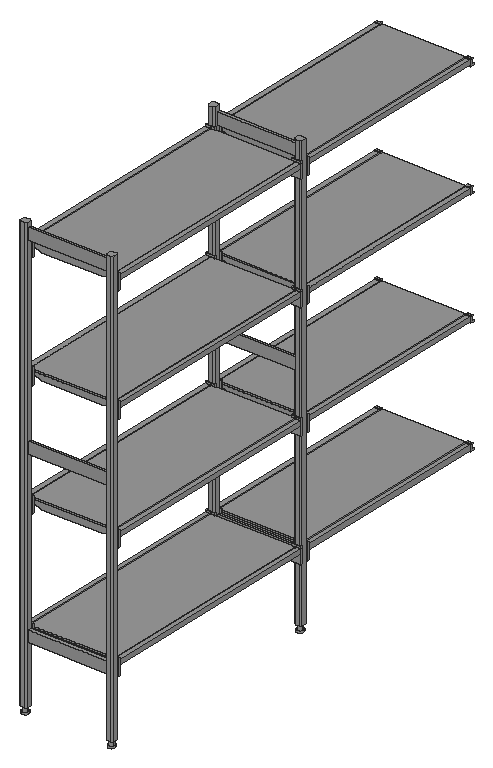
Revit family "QF_ELECTROLUXPROFESSIONAL_137061_ACS1752", category Attrezzature speciali, Revit 2020
Family settings
  Quota connettore circolare = Usa diametro
  Tipo di parte = Normale
  Basato su piano di lavoro = No
  Sempre verticale = Sì
  Taglio con vuoti quando caricato = No
  Condiviso = No
  Punto di calcolo locali = No
Parameters (values of type "Standard")
  Weight = 29.00 kg
  Watts = 0 W
  Volts = 0 V
  URL Manufacturer = "https://www.electroluxprofessional.com/"
  URL = "https://www.electroluxprofessional.com/"
  Steam Supply Size = 0 mm
  Steam Supply Minimum Pressure = 0.0 Pa
  Steam Supply Maximum Pressure = 0.0 Pa
  Steam Consumption per Hour = 0
  Refrigeration Suction Line Size = 0.0 mm
  Refrigeration Liquid Line Size = 0.0 mm
  Refrigerant Compressor Remote = yes
  Prospetto di default = 0.0 mm
  Phase = 0
  Modello = "ACS1752"
  Produttore = "Electrolux Professional"
  Length Actual = 1756.0 mm  # constant formula
  Item Number = "137061"
  Hot Water Size = 0 mm
  Height Actual = 1700.0 mm  # constant formula
  HP = "0 HP"
  Gas Size = 0 mm
  Gas KW = 0
  Gas Input Pressure = 0 W
  Direct Waste Size = 0 mm
  Descrizione = "ALUM.CORNER SHELV.-POLY.TIERS-373X1756MM"
  Depth Actual = 373.0 mm  # constant formula
  Cycle = 0 Hz
  Condensate Return Size = 0 mm
  Compressed Air Volume = 0.0 L/s
  Compressed Air Size = 0 mm
  Compressed Air Pressure = 0.0 Pa
  Cold Water Size = 0 mm
  Accessory = yes
Reference planes
  plane 1: z = 0
  plane 2 "CenterLeft": y = -535.5
  plane 3 "FRONT": y = -921.5
  plane 4 "LEFT": x = 192.5
  plane 5 "RIGHT": x = 565.5
  plane 6 "TOP": z = 1700
  plane 7: y = -889.5
  plane 8: y = -3.5
  plane 9 "Center (Left/Back)": x = 379
  plane 10: x = 205
  plane 11: x = 515
  plane 12 "FEET": z = 25
  plane 13: z = 275
  plane 14: z = 725
  plane 15: z = 1175
  plane 16: z = 1625
  plane 17 "CXLeft": y = -907.5
  plane 18 "Center (Front/Back)": y = 14.5
  plane 19 "CYFront": x = 510
  plane 20: y = 830.5
  plane 21: y = 32.5
  plane 22 "BACK": y = 834.5
  plane 23 "LEFT_ORIGIN": x = 158.5
  plane 24 "BACK_ORIGIN": y = 1207.5
Forms (mm)
  Extrusion 1, solid, material "QF_Aluminum"
    sketch origin (38.022, -921.5, -4.006) x (-1, 0, 0) y (0, 0, 1)
      loop
        line (-189.5, 1637.003) -> (-173.5, 1637.003) -> (-173.5, 1655) -> (-175.493, 1655) -> (-175.493, 1648.501) -> (-506.5, 1648.501) -> (-506.5, 1655) -> (-508.5, 1655) -> (-508.5, 1637.003) -> (-492.5, 1637.003) -> (-458.5, 1625) -> (-223.5, 1625) -> (-189.5, 1637.003)
      loop
        line (-189.5, 1187.003) -> (-173.5, 1187.003) -> (-173.5, 1205) -> (-175.493, 1205) -> (-175.493, 1198.501) -> (-506.5, 1198.501) -> (-506.5, 1205) -> (-508.5, 1205) -> (-508.5, 1187.003) -> (-492.5, 1187.003) -> (-458.5, 1175) -> (-223.5, 1175) -> (-189.5, 1187.003)
      loop
        line (-189.5, 737.003) -> (-173.5, 737.003) -> (-173.5, 755) -> (-175.493, 755) -> (-175.493, 748.501) -> (-506.5, 748.501) -> (-506.5, 755) -> (-508.5, 755) -> (-508.5, 737.003) -> (-492.5, 737.003) -> (-458.5, 725) -> (-223.5, 725) -> (-189.5, 737.003)
      loop
        line (-189.5, 287.003) -> (-173.5, 287.003) -> (-173.5, 305) -> (-175.493, 305) -> (-175.493, 298.501) -> (-506.5, 298.501) -> (-506.5, 305) -> (-508.5, 305) -> (-508.5, 287.003) -> (-492.5, 287.003) -> (-458.5, 275) -> (-223.5, 275) -> (-189.5, 287.003)
    from 37 to 32
  Extrusion 2, solid, material "QF_Aluminum"
    sketch origin (38.022, -921.5, 0) x (-1, 0, 0) y (0, 0, 1)
      loop
        line (-154.478, 246.005) -> (-154.478, 307.993) -> (-190.471, 307.993) -> (-190.471, 246.005) -> (-154.478, 246.005)
      loop
        line (-527.478, 246.005) -> (-491.484, 246.005) -> (-491.484, 307.993) -> (-527.478, 307.993) -> (-527.478, 246.005)
      loop
        line (-154.478, 696.005) -> (-154.478, 757.993) -> (-190.471, 757.993) -> (-190.471, 696.005) -> (-154.478, 696.005)
      loop
        line (-527.478, 696.005) -> (-491.484, 696.005) -> (-491.484, 757.993) -> (-527.478, 757.993) -> (-527.478, 696.005)
      loop
        line (-154.478, 1146.005) -> (-154.478, 1207.993) -> (-190.471, 1207.993) -> (-190.471, 1146.005) -> (-154.478, 1146.005)
      loop
        line (-527.478, 1146.005) -> (-491.484, 1146.005) -> (-491.484, 1207.993) -> (-527.478, 1207.993) -> (-527.478, 1146.005)
      loop
        line (-154.478, 1596.005) -> (-154.478, 1657.993) -> (-190.471, 1657.993) -> (-190.471, 1596.005) -> (-154.478, 1596.005)
      loop
        line (-527.478, 1596.005) -> (-491.484, 1596.005) -> (-491.484, 1657.993) -> (-527.478, 1657.993) -> (-527.478, 1596.005)
    from 28 to 32
  Extrusion 3, solid, material "QF_Aluminum"
    sketch origin (38.022, -921.5, 0) x (-1, 0, 0) y (0, 0, 1)
      loop
        line (-154.5, 1650.994) -> (-173.5, 1650.994) -> (-173.5, 1632.998) -> (-154.5, 1632.998) -> (-154.5, 1650.994)
      loop
        line (-154.5, 1200.994) -> (-173.5, 1200.994) -> (-173.5, 1182.998) -> (-154.5, 1182.998) -> (-154.5, 1200.994)
      loop
        line (-154.5, 750.994) -> (-173.5, 750.994) -> (-173.5, 732.998) -> (-154.5, 732.998) -> (-154.5, 750.994)
      loop
        line (-154.5, 300.994) -> (-173.5, 300.994) -> (-173.5, 282.998) -> (-154.5, 282.998) -> (-154.5, 300.994)
      loop
        line (-527.455, 1650.994) -> (-527.455, 1632.998) -> (-508.455, 1632.998) -> (-508.455, 1650.994) -> (-527.455, 1650.994)
      loop
        line (-527.455, 1200.994) -> (-527.455, 1182.998) -> (-508.455, 1182.998) -> (-508.455, 1200.994) -> (-527.455, 1200.994)
      loop
        line (-527.455, 750.994) -> (-527.455, 732.998) -> (-508.455, 732.998) -> (-508.455, 750.994) -> (-527.455, 750.994)
      loop
        line (-527.455, 300.994) -> (-527.455, 282.998) -> (-508.455, 282.998) -> (-508.455, 300.994) -> (-527.455, 300.994)
    from 32 to 918
  Extrusion 4, solid, material "QF_Polyethylene"
    sketch origin (38.022, -921.5, 0) x (-1, 0, 0) y (0, 0, 1)
      loop
        line (-175.493, 1650.994) -> (-506.5, 1650.994) -> (-506.5, 1644.496) -> (-175.493, 1644.496) -> (-175.493, 1650.994)
      loop
        line (-175.493, 1200.994) -> (-506.5, 1200.994) -> (-506.5, 1194.496) -> (-175.493, 1194.496) -> (-175.493, 1200.994)
      loop
        line (-175.493, 750.994) -> (-506.5, 750.994) -> (-506.5, 744.496) -> (-175.493, 744.496) -> (-175.493, 750.994)
      loop
        line (-175.493, 300.994) -> (-506.5, 300.994) -> (-506.5, 294.496) -> (-175.493, 294.496) -> (-175.493, 300.994)
    from 32 to 918
  Extrusion 5, solid, material "QF_Aluminum"
    sketch origin (38.022, 684.5, 0) x (-1, 0, 0) y (0, 0, 1)
      loop
        line (-154.5, 1650.994) -> (-173.5, 1650.994) -> (-173.5, 1632.998) -> (-154.5, 1632.998) -> (-154.5, 1650.994)
      loop
        line (-508.5, 1650.994) -> (-527.455, 1650.994) -> (-527.455, 1632.998) -> (-508.5, 1632.998) -> (-508.5, 1650.994)
      loop
        line (-154.5, 1200.994) -> (-173.5, 1200.994) -> (-173.5, 1182.998) -> (-154.5, 1182.998) -> (-154.5, 1200.994)
      loop
        line (-508.5, 1200.994) -> (-527.455, 1200.994) -> (-527.455, 1182.998) -> (-508.5, 1182.998) -> (-508.5, 1200.994)
      loop
        line (-154.5, 750.994) -> (-173.5, 750.994) -> (-173.5, 732.998) -> (-154.5, 732.998) -> (-154.5, 750.994)
      loop
        line (-508.5, 750.994) -> (-527.455, 750.994) -> (-527.455, 732.998) -> (-508.5, 732.998) -> (-508.5, 750.994)
      loop
        line (-154.5, 300.994) -> (-173.5, 300.994) -> (-173.5, 282.998) -> (-154.5, 282.998) -> (-154.5, 300.994)
      loop
        line (-508.5, 300.994) -> (-527.455, 300.994) -> (-527.455, 282.998) -> (-508.5, 282.998) -> (-508.5, 300.994)
    from 146 to -652
  Extrusion 6, solid, material "QF_Polyethylene"
    sketch origin (38.022, 684.5, 0) x (-1, 0, 0) y (0, 0, 1)
      loop
        line (-175.493, 1650.994) -> (-506.5, 1650.994) -> (-506.5, 1644.496) -> (-175.493, 1644.496) -> (-175.493, 1650.994)
      loop
        line (-175.493, 1200.994) -> (-506.5, 1200.994) -> (-506.5, 1194.496) -> (-175.493, 1194.496) -> (-175.493, 1200.994)
      loop
        line (-175.493, 750.994) -> (-506.5, 750.994) -> (-506.5, 744.496) -> (-175.493, 744.496) -> (-175.493, 750.994)
      loop
        line (-175.493, 300.994) -> (-506.5, 300.994) -> (-506.5, 294.496) -> (-175.493, 294.496) -> (-175.493, 300.994)
    from 146 to -652
Lines and regions (mm)
  symbolic lines
    curve 1: line (205, -912.5, 1700) -> (515, -912.5, 1700)
    curve 2: line (515, -902.5, 1700) -> (205, -902.5, 1700)
    curve 3: line (192.5, -893.5, 1700) -> (192.5, 0.5, 1700)
    curve 4: line (565.5, -889.5, 1700) -> (565.5, -3.5, 1700)
    curve 5: line (192.5, 28.5, 1700) -> (192.5, 834.5, 1700)
    curve 6: line (565.5, 28.5, 1700) -> (565.5, 834.5, 1700)
    curve 7: line (211.522, 830.5, 1700) -> (510.507, 830.5, 1700)
    curve 8: line (211.522, -3.5, 1700) -> (510.507, -3.5, 1700)
    curve 9: line (510.507, 32.5, 1700) -> (211.522, 32.5, 1700)
    curve 10: line (211.522, -889.5, 1700) -> (510.507, -889.5, 1700)
    curve 11: line (211.522, -889.5, 1700) -> (211.522, -3.5, 1700)
    curve 12: line (546.478, -3.5, 1700) -> (546.478, -889.5, 1700)
    curve 13: line (211.522, 32.5, 1700) -> (211.522, 830.5, 1700)
    curve 14: line (546.522, 652.5, 1700) -> (546.522, -145.5, 1700)
Dimensions and locks
  plane 3 "FRONT" to plane 2 "CenterLeft" = 386.0 mm
  locked: plane 6 "TOP" to level at 1700
  locked: plane 7 to plane 8 at 886
  locked: plane 10 to plane 11 at 310
  plane 10 to plane 9 "Center (Left/Back)" to plane 11 = 174.0 mm, 136.0 mm
  equal spacing: plane 4 "LEFT", plane 9 "Center (Left/Back)", plane 5 "RIGHT"
  plane 12 "FEET" to level = 25.0 mm
  plane 6 "TOP" to plane 12 "FEET" = 1675.0 mm
  plane 13 to plane 12 "FEET" = 250.0 mm
  plane 14 to plane 13 = 450.0 mm
  plane 15 to plane 14 = 450.0 mm
  plane 16 to plane 15 = 450.0 mm
  plane 19 "CYFront" to Extrusion 1 sketch curve = 34.522 mm
  locked: plane 21 to plane 20 at 798
  locked: plane 8 to plane 18 "Center (Front/Back)" at 18
  locked: plane 18 "Center (Front/Back)" to plane 21 at 18
  locked: plane 3 "FRONT" to plane 7 at 32
  locked: plane 4 "LEFT" to plane 5 "RIGHT" at 373
  locked: plane 23 "LEFT_ORIGIN" to plane 5 "RIGHT" at 407
  locked: plane 22 "BACK" to plane 24 "BACK_ORIGIN" at 373
  locked: plane 22 "BACK" to plane 3 "FRONT" at 1756
  aligned and locked: level to plane 1
  aligned and locked: Extrusion 1 to plane 7
  aligned and locked: plane 7 to Extrusion 2
  aligned and locked: Extrusion 4 to plane 7
  aligned and locked: plane 8 to Extrusion 4
  aligned and locked: Extrusion 3 to plane 7
  aligned and locked: plane 8 to Extrusion 3
  aligned and locked: Extrusion 1 sketch curve to Extrusion 1 sketch curve  (x3)
  aligned and locked: Extrusion 4 sketch curve to Extrusion 1  (x4)
  aligned and locked: Extrusion 5 sketch curve to Extrusion 5 sketch curve  (x2)
  aligned and locked: Extrusion 5 to plane 21  (x5)
  aligned and locked: Extrusion 6 to plane 21  (x5)
  aligned and locked: nested 2 to plane 18 "Center (Front/Back)"
  aligned and locked: nested 1 to plane 17 "CXLeft"
  aligned and locked: plane 7 to Extrusion 3  (x3)
  aligned and locked: Extrusion 3 to plane 8  (x4)
  aligned and locked: Extrusion 4 to plane 8  (x4)
  aligned and locked: plane 20 to Extrusion 5
  aligned and locked: plane 20 to Extrusion 6
  aligned and locked: Extrusion 5 to plane 20  (x3)
  aligned and locked: Extrusion 6 to plane 20  (x3)
  aligned and locked: plane 9 "Center (Left/Back)" to nested 2
  aligned and locked: nested 3 to plane 22 "BACK"
Automatic sketch dimensions
  curve 1 to plane 10 = 0.0 mm
  curve 1 to plane 11 = 0.0 mm
  curve 2 to plane 10 = 0.0 mm
  curve 2 to plane 11 = 0.0 mm
  curve 3 to plane 4 "LEFT" = 0.0 mm
  plane 7 to curve 10 = 0.0 mm
  curve 4 to plane 5 "RIGHT" = 0.0 mm
  plane 7 to curve 4 = 0.0 mm
  plane 8 to curve 8 = 0.0 mm
  plane 8 to curve 4 = 0.0 mm
  curve 6 to plane 5 "RIGHT" = 0.0 mm
  curve 5 to plane 4 "LEFT" = 0.0 mm
  curve 9 to plane 21 = 0.0 mm
  plane 20 to curve 7 = 0.0 mm
  plane 7 to curve 3 = 4.0 mm
  plane 17 "CXLeft" to curve 2 = 5.0 mm
  curve 1 to plane 17 "CXLeft" = 5.0 mm
  curve 3 to plane 8 = 4.0 mm
  curve 6 to plane 21 = 4.0 mm
  curve 5 to plane 21 = 4.0 mm
  curve 6 to plane 20 = 4.0 mm
  curve 5 to plane 20 = 4.0 mm
  plane 11 to curve 10 = 4.493 mm
  plane 11 to curve 9 = 4.493 mm
  plane 11 to curve 8 = 4.493 mm
  plane 11 to curve 7 = 4.493 mm
  curve 8 to plane 10 = 6.522 mm
  curve 7 to plane 10 = 6.522 mm
  Extrusion 1 sketch curve to plane 19 "CYFront" = 36.522 mm  (x4)
  Extrusion 1 sketch curve to plane 11 = 15.522 mm  (x4)
  Extrusion 1 sketch curve to plane 13 = 4.006 mm
  Extrusion 1 sketch curve to Extrusion 1 sketch curve = 34.0 mm  (x4)
  Extrusion 1 sketch curve to plane 14 = 4.006 mm
  Extrusion 1 sketch curve to plane 15 = 4.006 mm
  Extrusion 1 sketch curve to plane 16 = 4.006 mm
  Extrusion 1 sketch curve to plane 10 = 56.522 mm  (x4)
  Extrusion 1 sketch curve to plane 10 = 22.522 mm  (x4)
  plane 13 to Extrusion 1 sketch curve = 7.998 mm  (x2)
  Extrusion 1 sketch curve to Extrusion 1 sketch curve = 11.498 mm  (x4)
  Extrusion 1 sketch curve to Extrusion 1 sketch curve = 6.499 mm  (x8)
  plane 14 to Extrusion 1 sketch curve = 7.998 mm  (x2)
  plane 15 to Extrusion 1 sketch curve = 7.998 mm  (x2)
  plane 16 to Extrusion 1 sketch curve = 7.998 mm  (x2)
  Extrusion 2 sketch curve to plane 5 "RIGHT" = 0.0 mm  (x4)
  Extrusion 2 sketch curve to plane 4 "LEFT" = 0.0 mm  (x4)
  Extrusion 2 sketch curve to plane 11 = 14.507 mm  (x4)
  Extrusion 2 sketch curve to plane 10 = 23.493 mm  (x4)
  Extrusion 2 sketch curve to plane 13 = 28.995 mm  (x2)
  plane 13 to Extrusion 2 sketch curve = 32.993 mm  (x2)
  Extrusion 2 sketch curve to plane 14 = 28.995 mm  (x2)
  plane 14 to Extrusion 2 sketch curve = 32.993 mm  (x2)
  Extrusion 2 sketch curve to plane 15 = 28.995 mm  (x2)
  plane 15 to Extrusion 2 sketch curve = 32.993 mm  (x2)
  Extrusion 2 sketch curve to plane 16 = 28.995 mm  (x2)
  plane 16 to Extrusion 2 sketch curve = 32.993 mm  (x2)
  plane 13 to Extrusion 4 sketch curve = 19.496 mm
  Extrusion 4 sketch curve to Extrusion 4 sketch curve = 6.499 mm  (x4)
  plane 14 to Extrusion 4 sketch curve = 19.496 mm
  plane 15 to Extrusion 4 sketch curve = 19.496 mm
  plane 16 to Extrusion 4 sketch curve = 19.496 mm
  plane 5 "RIGHT" to Extrusion 5 sketch curve = 0.022 mm  (x4)
  Extrusion 5 sketch curve to plane 4 "LEFT" = 19.022 mm  (x4)
  Extrusion 5 sketch curve to plane 19 "CYFront" = 36.522 mm  (x2)
  plane 13 to Extrusion 5 sketch curve = 7.998 mm  (x2)
  Extrusion 5 sketch curve to Extrusion 5 sketch curve = 17.997 mm  (x8)
  plane 14 to Extrusion 5 sketch curve = 7.998 mm  (x2)
  plane 15 to Extrusion 5 sketch curve = 7.998 mm  (x2)
  plane 16 to Extrusion 5 sketch curve = 7.998 mm  (x2)
  Extrusion 6 sketch curve to plane 19 "CYFront" = 34.522 mm  (x4)
  plane 13 to Extrusion 6 sketch curve = 19.496 mm
  Extrusion 6 sketch curve to Extrusion 6 sketch curve = 6.499 mm  (x4)
  plane 14 to Extrusion 6 sketch curve = 19.496 mm
  plane 15 to Extrusion 6 sketch curve = 19.496 mm
  plane 16 to Extrusion 6 sketch curve = 19.496 mm
  plane 5 "RIGHT" to Extrusion 3 sketch curve = 0.022 mm  (x4)
  Extrusion 3 sketch curve to Extrusion 3 sketch curve = 19.0 mm  (x4)
  plane 14 to Extrusion 3 sketch curve = 7.998 mm  (x2)
  Extrusion 3 sketch curve to plane 10 = 6.522 mm  (x4)
  Extrusion 3 sketch curve to plane 4 "LEFT" = 0.022 mm  (x4)
  plane 13 to Extrusion 3 sketch curve = 25.994 mm  (x2)
  plane 13 to Extrusion 3 sketch curve = 7.998 mm  (x2)
  Extrusion 3 sketch curve to Extrusion 3 sketch curve = 17.997 mm  (x6)
  plane 15 to Extrusion 3 sketch curve = 7.998 mm  (x2)
  plane 16 to Extrusion 3 sketch curve = 7.998 mm  (x2)
  plane 7 to curve 12 = 0.0 mm
  plane 8 to curve 12 = 0.0 mm
  curve 4 to curve 12 = 19.022 mm
  Extrusion 1 sketch curve to plane 10 = 8.516 mm  (x4)
  Extrusion 1 sketch curve to plane 10 = 6.522 mm  (x2)
  Extrusion 1 sketch curve to Extrusion 1 sketch curve = 1.993 mm  (x2)
  Extrusion 4 sketch curve to plane 10 = 8.516 mm  (x4)
  Extrusion 5 sketch curve to plane 4 "LEFT" = 0.022 mm  (x4)
  Extrusion 6 sketch curve to plane 10 = 8.516 mm  (x4)
Nested families
  nested 1: "WT_Anta373" at (215.5, -504.5, 0) x (0, 1, 0) z (0, 0, 1), type "WT_Anta373"
  nested 2: "WT_Anta373Center" at (215.5, 417.5, 0) x (0, 1, 0) z (0, 0, 1), type "WT_Anta373Center"
  nested 3: "WT_Aggancio373" at (215.5, 1242.5, 0) x (0, 1, 0) z (0, 0, 1), type "WT_Aggancio373"
Definition of nested family "WT_Anta373"
  Parameters
    WidthLeft = A + 64.0 mm  # 772.0 mm
    Width = 1606.0 mm
    Right = WidthLeft / 2  # 386.0 mm
    Default Elevation = 0.0 mm
    Left = -WidthLeft / 2  # -386.0 mm
    Height = 1725.0 mm
    FEET = 25.0 mm
    E = 0.0 mm
    Dint = Depth - 63.0 mm  # 310.0 mm
    Dext = Depth - 8.0 mm  # 365.0 mm
    Depth = 373.0 mm
    DX = (WidthLeft - A) / 2  # 32.0 mm
    B = 798.0 mm
    A = 708.0 mm
  Reference planes
    plane 1: z = 0
    plane 2 "LEFT": x = -417
    plane 3 "BACK": y = 23
    plane 4 "FRONT": y = -350
    plane 5 "TOP": z = 1725
    plane 6 "Center (Front/Back)": y = -163.5
    plane 7: y = -8.5
    plane 8: y = -318.5
    plane 9 "FEET": z = 25
    plane 10: z = 275
    plane 11: z = 725
    plane 12: z = 1175
    plane 13: z = 1625
    plane 14 "CXLeft": x = -403
    plane 15: y = 5.5
    plane 16 "CYBack": y = 5.5
    plane 17 "CYFront": y = -332.5
    plane 18: x = -385.031
    plane 19: x = -380.031
  Forms (mm)
    Extrusion 1, solid
      sketch origin (0, 0, 0) x (1, 0, 0) y (0, 1, 0)
        loop
          line (-417, 13.246) -> (-417, -2.246) -> (-410.746, -8.5) -> (-395.254, -8.5) -> (-389, -2.246) -> (-389, 13.246) -> (-395.254, 19.5) -> (-410.746, 19.5) -> (-417, 13.246)
      from 1725 to 25
    Extrusion 2, solid
      sketch origin (-417, 0, 0) x (0, 1, 0) y (0, 0, 1)
        loop
          line (23, 246.005) -> (23, 307.993) -> (-12.993, 307.993) -> (-12.993, 246.005) -> (23, 246.005)
        loop
          line (-350, 246.005) -> (-314.007, 246.005) -> (-314.007, 307.993) -> (-350, 307.993) -> (-350, 246.005)
        loop
          line (23, 696.005) -> (23, 757.993) -> (-12.993, 757.993) -> (-12.993, 696.005) -> (23, 696.005)
        loop
          line (-350, 696.005) -> (-314.007, 696.005) -> (-314.007, 757.993) -> (-350, 757.993) -> (-350, 696.005)
        loop
          line (23, 1146.005) -> (23, 1207.993) -> (-12.993, 1207.993) -> (-12.993, 1146.005) -> (23, 1146.005)
        loop
          line (-350, 1146.005) -> (-314.007, 1146.005) -> (-314.007, 1207.993) -> (-350, 1207.993) -> (-350, 1146.005)
        loop
          line (23, 1596.005) -> (23, 1657.993) -> (-12.993, 1657.993) -> (-12.993, 1596.005) -> (23, 1596.005)
        loop
          line (-350, 1596.005) -> (-314.007, 1596.005) -> (-314.007, 1657.993) -> (-350, 1657.993) -> (-350, 1596.005)
      from 28 to 32
    Revolve 3, solid
      sketch origin (-403, 0, 0) x (0, 1, 0) y (0, 0, 1)
        loop
          line (5.5, 25) -> (5.5, 0) -> (19, 0) -> (19, 5) -> (14, 5) -> (14, 25) -> (5.5, 25)
        axis (5.5, 25) -> (5.5, 0)
      angle from 0 to 360
    Extrusion 4, solid
      sketch origin (-403, 0, 0) x (0, 1, 0) y (0, 0, 1)
        loop
          line (-8.5, 912.382) -> (-8.5, 957.374) -> (-318.5, 957.374) -> (-318.5, 912.382) -> (-8.5, 912.382)
        loop
          line (-8.5, 1662.244) -> (-8.5, 1707.236) -> (-318.5, 1707.236) -> (-318.5, 1662.244) -> (-8.5, 1662.244)
      from -5 to 5
    Revolve 5, solid
      sketch origin (-403, -627, 0) x (0, -1, 0) y (0, 0, 1)
        loop
          line (-294.5, 25) -> (-294.5, 0) -> (-281, 0) -> (-281, 5) -> (-286, 5) -> (-286, 25) -> (-294.5, 25)
        axis (-294.5, 25) -> (-294.5, 0)
      angle from 0 to 360
    Extrusion 6, solid
      sketch origin (0, -627, 0) x (1, 0, 0) y (0, 1, 0)
        loop
          line (-417, 286.754) -> (-410.746, 280.5) -> (-395.254, 280.5) -> (-389, 286.754) -> (-389, 302.246) -> (-395.254, 308.5) -> (-410.746, 308.5) -> (-417, 302.246) -> (-417, 286.754)
      from 1725 to 25
    Extrusion 7, solid
      sketch origin (-417.031, -0.022, 0) x (0, 1, 0) y (0, 0, -1)
        loop
          line (-12, -1632.998) -> (-46, -1620.994) -> (-281, -1620.994) -> (-315, -1632.998) -> (-331, -1632.998) -> (-331, -1650.994) -> (-329, -1650.994) -> (-329, -1644.496) -> (2.007, -1644.496) -> (2.007, -1650.994) -> (4, -1650.994) -> (4, -1632.998) -> (-12, -1632.998)
        loop
          line (-12, -1182.998) -> (-46, -1170.994) -> (-281, -1170.994) -> (-315, -1182.998) -> (-331, -1182.998) -> (-331, -1200.994) -> (-329, -1200.994) -> (-329, -1194.496) -> (2.007, -1194.496) -> (2.007, -1200.994) -> (4, -1200.994) -> (4, -1182.998) -> (-12, -1182.998)
        loop
          line (-12, -732.998) -> (-46, -720.994) -> (-281, -720.994) -> (-315, -732.998) -> (-331, -732.998) -> (-331, -750.994) -> (-329, -750.994) -> (-329, -744.496) -> (2.007, -744.496) -> (2.007, -750.994) -> (4, -750.994) -> (4, -732.998) -> (-12, -732.998)
        loop
          line (-12, -282.998) -> (-46, -270.994) -> (-281, -270.994) -> (-315, -282.998) -> (-331, -282.998) -> (-331, -300.994) -> (-329, -300.994) -> (-329, -294.496) -> (2.007, -294.496) -> (2.007, -300.994) -> (4, -300.994) -> (4, -282.998) -> (-12, -282.998)
      from -32 to -37
    Extrusion 8, solid
      sketch origin (-403, 0, -659.878) x (0, 1, 0) y (0, 0, 1)
        loop
          line (-8.5, 912.382) -> (-8.5, 957.374) -> (-318.5, 957.374) -> (-318.5, 912.382) -> (-8.5, 912.382)
        loop
          line (-8.5, 1572.382) -> (-8.5, 1617.374) -> (-318.5, 1617.374) -> (-318.5, 1572.382) -> (-8.5, 1572.382)
        loop
          line (-8.5, 2322.382) -> (-8.5, 2367.374) -> (-318.5, 2367.374) -> (-318.5, 2322.382) -> (-8.5, 2322.382)
      from -5 to 5
  Lines and regions (mm)
    symbolic lines
      curve 1: line (-408, -8.5, 1725) -> (-408, -318.5, 1725)
      curve 2: line (-398, -318.5, 1725) -> (-398, -8.5, 1725)
      curve 3: line (-395.254, -8.5, 1725) -> (-410.746, -8.5, 1725)
      curve 4: line (-417, -2.246, 1725) -> (-410.746, -8.5, 1725)
      curve 5: line (-417, 13.246, 1725) -> (-417, -2.246, 1725)
      curve 6: line (-410.746, 19.5, 1725) -> (-417, 13.246, 1725)
      curve 7: line (-395.254, 19.5, 1725) -> (-410.746, 19.5, 1725)
      curve 8: line (-389, 13.246, 1725) -> (-395.254, 19.5, 1725)
      curve 9: line (-395.254, -8.5, 1725) -> (-389, -2.246, 1725)
      curve 10: line (-395.254, -318.5, 1725) -> (-410.746, -318.5, 1725)
      curve 11: line (-417, -324.754, 1725) -> (-410.746, -318.5, 1725)
      curve 12: line (-410.746, -346.5, 1725) -> (-417, -340.246, 1725)
      curve 13: line (-395.254, -346.5, 1725) -> (-410.746, -346.5, 1725)
      curve 14: line (-389, -340.246, 1725) -> (-395.254, -346.5, 1725)
      curve 15: line (-395.254, -318.5, 1725) -> (-389, -324.754, 1725)
      curve 16: line (-389, -350, 1725) -> (-389, -314.007, 1725)
      curve 17: line (-389, -314.007, 1725) -> (-385, -314.007, 1725)
      curve 18: line (-389, 23, 1725) -> (-389, -12.993, 1725)
      curve 19: line (-389, -12.993, 1725) -> (-385, -12.993, 1725)
      curve 20: line (-417, -324.754, 1725) -> (-417, -340.246, 1725)
      curve 21: line (-385, -350, 1725) -> (-385, -314.007, 1725)
      curve 22: line (-385, -350, 1725) -> (-389, -350, 1725)
      curve 23: line (-385, 23, 1725) -> (-389, 23, 1725)
      curve 24: line (-385, -12.993, 1725) -> (-385, 23, 1725)
      curve 25: line (-385.031, -13.016, 1725) -> (-385.031, -314.029, 1725)
  Dimensions and locks
    "Height": plane 5 "TOP" to level
    "Depth": plane 3 "BACK" to plane 4 "FRONT"
    "Dint": plane 7 to plane 8
    equal spacing: plane 7, plane 6 "Center (Front/Back)", plane 8
    equal spacing: plane 3 "BACK", plane 6 "Center (Front/Back)", plane 4 "FRONT"
    plane 9 "FEET" to level = 25.0 mm
    plane 5 "TOP" to plane 9 "FEET" = 1700.0 mm
    plane 10 to plane 9 "FEET" = 250.0 mm
    plane 11 to plane 10 = 450.0 mm
    plane 12 to plane 11 = 450.0 mm
    plane 13 to plane 12 = 450.0 mm
    locked: plane 2 "LEFT" to plane 14 "CXLeft" at 14
    locked: plane 3 "BACK" to plane 16 "CYBack" at 17.5
    locked: plane 17 "CYFront" to plane 4 "FRONT" at 17.5
    locked: Revolve 3 sketch curve to Revolve 3 sketch curve at 8.5
    locked: Revolve 3 sketch curve to plane 16 "CYBack" at 13.5
    locked: Revolve 5 sketch curve to Revolve 5 sketch curve at 8.5
    aligned and locked: level to plane 1
    aligned and locked: curve 20 to Extrusion 6
    aligned and locked: plane 5 "TOP" to Extrusion 1
    aligned and locked: plane 5 "TOP" to Extrusion 6
    aligned and locked: Extrusion 7 sketch curve to Extrusion 7 sketch curve  (x3)
  Automatic sketch dimensions
    curve 16 to plane 4 "FRONT" = 0.0 mm
    curve 11 to plane 8 = 0.0 mm
    curve 9 to plane 7 = 0.0 mm
    curve 5 to plane 2 "LEFT" = 0.0 mm
    curve 23 to plane 3 "BACK" = 0.0 mm
    plane 4 "FRONT" to curve 13 = 3.5 mm
    curve 20 to plane 17 "CYFront" = 7.746 mm
    curve 20 to plane 8 = 6.254 mm
    plane 8 to curve 16 = 4.493 mm
    curve 24 to plane 18 = 0.031 mm
    curve 24 to plane 7 = 4.493 mm
    plane 7 to curve 5 = 6.254 mm
    curve 5 to plane 15 = 7.746 mm
    curve 6 to plane 3 "BACK" = 3.5 mm
    curve 21 to plane 18 = 0.031 mm
    plane 18 to curve 23 = 3.969 mm
    plane 18 to curve 16 = 3.969 mm
    curve 18 to curve 8 = 6.254 mm
    curve 18 to curve 3 = 6.254 mm
    curve 16 to curve 13 = 6.254 mm
    curve 16 to curve 15 = 6.254 mm
    plane 2 "LEFT" to curve 10 = 6.254 mm
    plane 2 "LEFT" to curve 7 = 6.254 mm
    plane 2 "LEFT" to curve 12 = 6.254 mm
    plane 2 "LEFT" to curve 3 = 6.254 mm
    curve 14 to plane 17 "CYFront" = 7.746 mm
    curve 15 to plane 8 = 6.254 mm
    plane 7 to curve 9 = 6.254 mm
    curve 8 to plane 15 = 7.746 mm
    curve 3 to curve 2 = 2.746 mm
    curve 1 to curve 10 = 2.746 mm
    Extrusion 1 sketch curve to plane 2 "LEFT" = 0.0 mm
    Extrusion 1 sketch curve to plane 7 = 0.0 mm
    plane 2 "LEFT" to Extrusion 1 sketch curve = 6.254 mm  (x2)
    plane 14 "CXLeft" to Extrusion 1 sketch curve = 7.746 mm  (x2)
    Extrusion 1 sketch curve to plane 3 "BACK" = 3.5 mm
    plane 18 to Extrusion 1 sketch curve = 3.969 mm
    plane 7 to Extrusion 1 sketch curve = 6.254 mm  (x2)
    Extrusion 1 sketch curve to plane 15 = 7.746 mm  (x2)
    Extrusion 2 sketch curve to plane 4 "FRONT" = 0.0 mm  (x4)
    Extrusion 2 sketch curve to plane 3 "BACK" = 0.0 mm  (x4)
    plane 8 to Extrusion 2 sketch curve = 4.493 mm  (x4)
    Extrusion 2 sketch curve to plane 7 = 4.493 mm  (x4)
    Extrusion 2 sketch curve to plane 10 = 28.995 mm  (x2)
    plane 10 to Extrusion 2 sketch curve = 32.993 mm  (x2)
    Extrusion 2 sketch curve to plane 11 = 28.995 mm  (x2)
    plane 11 to Extrusion 2 sketch curve = 32.993 mm  (x2)
    Extrusion 2 sketch curve to plane 12 = 28.995 mm  (x2)
    plane 12 to Extrusion 2 sketch curve = 32.993 mm  (x2)
    Extrusion 2 sketch curve to plane 13 = 28.995 mm  (x2)
    plane 13 to Extrusion 2 sketch curve = 32.993 mm  (x2)
    Revolve 3 sketch curve to plane 9 "FEET" = 0.0 mm  (x2)
    Revolve 3 sketch curve to plane 15 = 0.0 mm  (x2)
    Revolve 3 sketch curve to level = 0.0 mm
    level to Revolve 3 sketch curve = 5.0 mm
    Revolve 3 sketch curve to Revolve 3 sketch curve = 11.655 mm
    Extrusion 4 sketch curve to plane 8 = 0.0 mm  (x2)
    Extrusion 4 sketch curve to plane 7 = 0.0 mm  (x2)
    plane 11 to Extrusion 4 sketch curve = 187.382 mm
    Extrusion 4 sketch curve to Extrusion 4 sketch curve = 44.992 mm
    plane 13 to Extrusion 4 sketch curve = 37.244 mm
    Extrusion 4 sketch curve to plane 5 "TOP" = 17.764 mm
    Revolve 5 sketch curve to plane 9 "FEET" = 0.0 mm  (x2)
    Revolve 5 sketch curve to plane 17 "CYFront" = 0.0 mm  (x2)
    Revolve 5 sketch curve to level = 0.0 mm
    Revolve 5 sketch curve to plane 4 "FRONT" = 4.0 mm
    Revolve 5 sketch curve to Revolve 5 sketch curve = 5.0 mm
    level to Revolve 5 sketch curve = 11.655 mm
    Extrusion 6 sketch curve to plane 2 "LEFT" = 0.0 mm
    Extrusion 6 sketch curve to plane 8 = 0.0 mm
    Extrusion 6 sketch curve to plane 2 "LEFT" = 6.254 mm  (x2)
    Extrusion 6 sketch curve to plane 14 "CXLeft" = 7.746 mm  (x2)
    Extrusion 6 sketch curve to plane 4 "FRONT" = 3.5 mm
    Extrusion 6 sketch curve to plane 18 = 3.969 mm
    plane 8 to Extrusion 6 sketch curve = 6.254 mm  (x2)
    plane 17 "CYFront" to Extrusion 6 sketch curve = 7.746 mm  (x2)
    plane 17 "CYFront" to Extrusion 7 sketch curve = 1.478 mm  (x4)
    Extrusion 7 sketch curve to Extrusion 7 sketch curve = 2.0 mm
    plane 8 to Extrusion 7 sketch curve = 3.478 mm  (x4)
    Extrusion 7 sketch curve to plane 10 = 4.006 mm
    Extrusion 7 sketch curve to Extrusion 7 sketch curve = 34.0 mm  (x4)
    Extrusion 7 sketch curve to plane 11 = 4.006 mm
    Extrusion 7 sketch curve to plane 12 = 4.006 mm
    Extrusion 7 sketch curve to plane 13 = 4.006 mm
    Extrusion 7 sketch curve to plane 7 = 37.522 mm  (x4)
    Extrusion 7 sketch curve to plane 7 = 3.522 mm  (x4)
    plane 15 to Extrusion 7 sketch curve = 3.516 mm  (x4)
    plane 15 to Extrusion 7 sketch curve = 1.522 mm  (x4)
    plane 13 to Extrusion 7 sketch curve = 7.998 mm  (x2)
    Extrusion 7 sketch curve to Extrusion 7 sketch curve = 11.498 mm
    Extrusion 7 sketch curve to Extrusion 7 sketch curve = 6.499 mm  (x5)
    plane 12 to Extrusion 7 sketch curve = 25.994 mm  (x2)
    plane 12 to Extrusion 7 sketch curve = 7.998 mm  (x2)
    plane 11 to Extrusion 7 sketch curve = 25.994 mm  (x2)
    plane 11 to Extrusion 7 sketch curve = 7.998 mm  (x2)
    plane 10 to Extrusion 7 sketch curve = 25.994 mm  (x2)
    plane 10 to Extrusion 7 sketch curve = 7.998 mm  (x2)
    curve 25 to plane 18 = 0.0 mm
    plane 8 to curve 25 = 4.471 mm
    curve 25 to plane 7 = 4.516 mm
    Extrusion 8 sketch curve to plane 8 = 0.0 mm  (x3)
    Extrusion 8 sketch curve to plane 7 = 0.0 mm  (x3)
    Extrusion 8 sketch curve to plane 10 = 22.496 mm
    plane 10 to Extrusion 8 sketch curve = 22.496 mm
    plane 11 to Extrusion 8 sketch curve = 187.504 mm
    Extrusion 8 sketch curve to Extrusion 8 sketch curve = 44.992 mm
    plane 13 to Extrusion 8 sketch curve = 37.504 mm
    Extrusion 8 sketch curve to plane 5 "TOP" = 17.504 mm
Definition of nested family "WT_Anta373Center"
  Parameters
    WidthLeft = A + 64.0 mm  # 772.0 mm
    Width = 1606.0 mm
    Right = WidthLeft / 2  # 386.0 mm
    Default Elevation = 0.0 mm
    Left = -WidthLeft / 2  # -386.0 mm
    Height = 1725.0 mm
    FEET = 25.0 mm
    E = 0.0 mm
    Dint = Depth - 63.0 mm  # 310.0 mm
    Dext = Depth - 8.0 mm  # 365.0 mm
    Depth = 373.0 mm
    DX = (WidthLeft - A) / 2  # 32.0 mm
    B = 798.0 mm
    A = 708.0 mm
  Reference planes
    plane 1: z = 0
    plane 2 "L": x = -417
    plane 3 "BACK": y = 23
    plane 4 "FRONT": y = -350
    plane 5 "TOP": z = 1725
    plane 6 "Center (Front/Back)": y = -163.5
    plane 7: y = -8.5
    plane 8: y = -318.5
    plane 9 "FEET": z = 25
    plane 10: z = 275
    plane 11: z = 725
    plane 12: z = 1175
    plane 13: z = 1625
    plane 14 "CXLeft": x = -403
    plane 15: y = 5.5
    plane 16 "CYBack": y = 5.5
    plane 17 "CYFront": y = -332.5
    plane 18: x = -385.031
    plane 19 "RIGHT": x = -380.031
    plane 20: x = -420.969
    plane 21 "LEFT": x = -425.969
  Forms (mm)
    Extrusion 1, solid
      sketch origin (0, 0, 0) x (1, 0, 0) y (0, 1, 0)
        loop
          line (-417, 13.246) -> (-417, -2.246) -> (-410.746, -8.5) -> (-395.254, -8.5) -> (-389, -2.246) -> (-389, 13.246) -> (-395.254, 19.5) -> (-410.746, 19.5) -> (-417, 13.246)
      from 1725 to 25
    Extrusion 2, solid
      sketch origin (-417, 0, 0) x (0, 1, 0) y (0, 0, 1)
        loop
          line (23, 246.005) -> (23, 307.993) -> (-12.993, 307.993) -> (-12.993, 246.005) -> (23, 246.005)
        loop
          line (-350, 246.005) -> (-314.007, 246.005) -> (-314.007, 307.993) -> (-350, 307.993) -> (-350, 246.005)
        loop
          line (23, 696.005) -> (23, 757.993) -> (-12.993, 757.993) -> (-12.993, 696.005) -> (23, 696.005)
        loop
          line (-350, 696.005) -> (-314.007, 696.005) -> (-314.007, 757.993) -> (-350, 757.993) -> (-350, 696.005)
        loop
          line (23, 1146.005) -> (23, 1207.993) -> (-12.993, 1207.993) -> (-12.993, 1146.005) -> (23, 1146.005)
        loop
          line (-350, 1146.005) -> (-314.007, 1146.005) -> (-314.007, 1207.993) -> (-350, 1207.993) -> (-350, 1146.005)
        loop
          line (23, 1596.005) -> (23, 1657.993) -> (-12.993, 1657.993) -> (-12.993, 1596.005) -> (23, 1596.005)
        loop
          line (-350, 1596.005) -> (-314.007, 1596.005) -> (-314.007, 1657.993) -> (-350, 1657.993) -> (-350, 1596.005)
      from 28 to 32
    Revolve 3, solid
      sketch origin (-403, 0, 0) x (0, 1, 0) y (0, 0, 1)
        loop
          line (5.5, 25) -> (5.5, 0) -> (19, 0) -> (19, 5) -> (14, 5) -> (14, 25) -> (5.5, 25)
        axis (5.5, 25) -> (5.5, 0)
      angle from 0 to 360
    Extrusion 4, solid
      sketch origin (-403, 0, 0) x (0, 1, 0) y (0, 0, 1)
        loop
          line (-8.5, 912.382) -> (-8.5, 957.374) -> (-318.5, 957.374) -> (-318.5, 912.382) -> (-8.5, 912.382)
        loop
          line (-8.5, 1662.244) -> (-8.5, 1707.236) -> (-318.5, 1707.236) -> (-318.5, 1662.244) -> (-8.5, 1662.244)
      from -5 to 5
    Revolve 5, solid
      sketch origin (-403, -627, 0) x (0, -1, 0) y (0, 0, 1)
        loop
          line (-294.5, 25) -> (-294.5, 0) -> (-281, 0) -> (-281, 5) -> (-286, 5) -> (-286, 25) -> (-294.5, 25)
        axis (-294.5, 25) -> (-294.5, 0)
      angle from 0 to 360
    Extrusion 6, solid
      sketch origin (0, -627, 0) x (1, 0, 0) y (0, 1, 0)
        loop
          line (-417, 286.754) -> (-410.746, 280.5) -> (-395.254, 280.5) -> (-389, 286.754) -> (-389, 302.246) -> (-395.254, 308.5) -> (-410.746, 308.5) -> (-417, 302.246) -> (-417, 286.754)
      from 1725 to 25
    Extrusion 7, solid
      sketch origin (-417.031, -0.022, 0) x (0, 1, 0) y (0, 0, -1)
        loop
          line (-12, -1632.998) -> (-46, -1620.994) -> (-281, -1620.994) -> (-315, -1632.998) -> (-331, -1632.998) -> (-331, -1650.994) -> (-329, -1650.994) -> (-329, -1644.496) -> (2.007, -1644.496) -> (2.007, -1650.994) -> (4, -1650.994) -> (4, -1632.998) -> (-12, -1632.998)
        loop
          line (-12, -1182.998) -> (-46, -1170.994) -> (-281, -1170.994) -> (-315, -1182.998) -> (-331, -1182.998) -> (-331, -1200.994) -> (-329, -1200.994) -> (-329, -1194.496) -> (2.007, -1194.496) -> (2.007, -1200.994) -> (4, -1200.994) -> (4, -1182.998) -> (-12, -1182.998)
        loop
          line (-12, -732.998) -> (-46, -720.994) -> (-281, -720.994) -> (-315, -732.998) -> (-331, -732.998) -> (-331, -750.994) -> (-329, -750.994) -> (-329, -744.496) -> (2.007, -744.496) -> (2.007, -750.994) -> (4, -750.994) -> (4, -732.998) -> (-12, -732.998)
        loop
          line (-12, -282.998) -> (-46, -270.994) -> (-281, -270.994) -> (-315, -282.998) -> (-331, -282.998) -> (-331, -300.994) -> (-329, -300.994) -> (-329, -294.496) -> (2.007, -294.496) -> (2.007, -300.994) -> (4, -300.994) -> (4, -282.998) -> (-12, -282.998)
      from -32 to -37
    Extrusion 8, solid
      sketch origin (-403, 0, -659.878) x (0, 1, 0) y (0, 0, 1)
        loop
          line (-8.5, 912.382) -> (-8.5, 957.374) -> (-318.5, 957.374) -> (-318.5, 912.382) -> (-8.5, 912.382)
        loop
          line (-8.5, 1572.382) -> (-8.5, 1617.374) -> (-318.5, 1617.374) -> (-318.5, 1572.382) -> (-8.5, 1572.382)
        loop
          line (-8.5, 2322.382) -> (-8.5, 2367.374) -> (-318.5, 2367.374) -> (-318.5, 2322.382) -> (-8.5, 2322.382)
      from -5 to 5
    Extrusion 9, solid
      sketch origin (-389, 0, 0) x (0, 1, 0) y (0, 0, -1)
        loop
          line (23, -246.005) -> (-12.993, -246.005) -> (-12.993, -307.993) -> (23, -307.993) -> (23, -246.005)
        loop
          line (-350, -246.005) -> (-350, -307.993) -> (-314.007, -307.993) -> (-314.007, -246.005) -> (-350, -246.005)
        loop
          line (23, -696.005) -> (-12.993, -696.005) -> (-12.993, -757.993) -> (23, -757.993) -> (23, -696.005)
        loop
          line (-350, -696.005) -> (-350, -757.993) -> (-314.007, -757.993) -> (-314.007, -696.005) -> (-350, -696.005)
        loop
          line (23, -1146.005) -> (-12.993, -1146.005) -> (-12.993, -1207.993) -> (23, -1207.993) -> (23, -1146.005)
        loop
          line (-350, -1146.005) -> (-350, -1207.993) -> (-314.007, -1207.993) -> (-314.007, -1146.005) -> (-350, -1146.005)
        loop
          line (23, -1596.005) -> (-12.993, -1596.005) -> (-12.993, -1657.993) -> (23, -1657.993) -> (23, -1596.005)
        loop
          line (-350, -1596.005) -> (-350, -1657.993) -> (-314.007, -1657.993) -> (-314.007, -1596.005) -> (-350, -1596.005)
      from 28 to 32
    Extrusion 10, solid
      sketch origin (-388.969, -0.022, 0) x (0, 1, 0) y (0, 0, 1)
        loop
          line (-12, 1632.998) -> (4, 1632.998) -> (4, 1650.994) -> (2.007, 1650.994) -> (2.007, 1644.496) -> (-329, 1644.496) -> (-329, 1650.994) -> (-331, 1650.994) -> (-331, 1632.998) -> (-315, 1632.998) -> (-281, 1620.994) -> (-46, 1620.994) -> (-12, 1632.998)
        loop
          line (-12, 1182.998) -> (4, 1182.998) -> (4, 1200.994) -> (2.007, 1200.994) -> (2.007, 1194.496) -> (-329, 1194.496) -> (-329, 1200.994) -> (-331, 1200.994) -> (-331, 1182.998) -> (-315, 1182.998) -> (-281, 1170.994) -> (-46, 1170.994) -> (-12, 1182.998)
        loop
          line (-12, 732.998) -> (4, 732.998) -> (4, 750.994) -> (2.007, 750.994) -> (2.007, 744.496) -> (-329, 744.496) -> (-329, 750.994) -> (-331, 750.994) -> (-331, 732.998) -> (-315, 732.998) -> (-281, 720.994) -> (-46, 720.994) -> (-12, 732.998)
        loop
          line (-12, 282.998) -> (4, 282.998) -> (4, 300.994) -> (2.007, 300.994) -> (2.007, 294.496) -> (-329, 294.496) -> (-329, 300.994) -> (-331, 300.994) -> (-331, 282.998) -> (-315, 282.998) -> (-281, 270.994) -> (-46, 270.994) -> (-12, 282.998)
      from -32 to -37
  Lines and regions (mm)
    symbolic lines
      curve 1: line (-408, -8.5, 1725) -> (-408, -318.5, 1725)
      curve 2: line (-398, -318.5, 1725) -> (-398, -8.5, 1725)
      curve 3: line (-395.254, -8.5, 1725) -> (-410.746, -8.5, 1725)
      curve 4: line (-417, -2.246, 1725) -> (-410.746, -8.5, 1725)
      curve 5: line (-410.746, 19.5, 1725) -> (-417, 13.246, 1725)
      curve 6: line (-395.254, 19.5, 1725) -> (-410.746, 19.5, 1725)
      curve 7: line (-389, 13.246, 1725) -> (-395.254, 19.5, 1725)
      curve 8: line (-395.254, -8.5, 1725) -> (-389, -2.246, 1725)
      curve 9: line (-395.254, -318.5, 1725) -> (-410.746, -318.5, 1725)
      curve 10: line (-417, -324.754, 1725) -> (-410.746, -318.5, 1725)
      curve 11: line (-410.746, -346.5, 1725) -> (-417, -340.246, 1725)
      curve 12: line (-395.254, -346.5, 1725) -> (-410.746, -346.5, 1725)
      curve 13: line (-389, -340.246, 1725) -> (-395.254, -346.5, 1725)
      curve 14: line (-395.254, -318.5, 1725) -> (-389, -324.754, 1725)
      curve 15: line (-389, -350, 1725) -> (-389, -314.007, 1725)
      curve 16: line (-389, -314.007, 1725) -> (-385, -314.007, 1725)
      curve 17: line (-389, 23, 1725) -> (-389, -12.993, 1725)
      curve 18: line (-389, -12.993, 1725) -> (-385, -12.993, 1725)
      curve 19: line (-385, -350, 1725) -> (-385, -314.007, 1725)
      curve 20: line (-385, -350, 1725) -> (-389, -350, 1725)
      curve 21: line (-385, 23, 1725) -> (-389, 23, 1725)
      curve 22: line (-385, -12.993, 1725) -> (-385, 23, 1725)
      curve 23: line (-385.031, -13.016, 1725) -> (-385.031, -314.029, 1725)
      curve 24: line (-417, -350, 1725) -> (-417, -314.007, 1725)
      curve 25: line (-417, -314.007, 1725) -> (-421, -314.007, 1725)
      curve 26: line (-417, 23, 1725) -> (-417, -12.993, 1725)
      curve 27: line (-417, -12.993, 1725) -> (-421, -12.993, 1725)
      curve 28: line (-421, -350, 1725) -> (-421, -314.007, 1725)
      curve 29: line (-421, -350, 1725) -> (-417, -350, 1725)
      curve 30: line (-421, 23, 1725) -> (-417, 23, 1725)
      curve 31: line (-421, -12.993, 1725) -> (-421, 23, 1725)
      curve 32: line (-420.969, -13.016, 1725) -> (-420.969, -314.029, 1725)
  Dimensions and locks
    "Height": plane 5 "TOP" to level
    "Depth": plane 3 "BACK" to plane 4 "FRONT"
    "Dint": plane 7 to plane 8
    equal spacing: plane 7, plane 6 "Center (Front/Back)", plane 8
    equal spacing: plane 3 "BACK", plane 6 "Center (Front/Back)", plane 4 "FRONT"
    plane 9 "FEET" to level = 25.0 mm
    plane 5 "TOP" to plane 9 "FEET" = 1700.0 mm
    plane 10 to plane 9 "FEET" = 250.0 mm
    plane 11 to plane 10 = 450.0 mm
    plane 12 to plane 11 = 450.0 mm
    plane 13 to plane 12 = 450.0 mm
    locked: plane 3 "BACK" to plane 16 "CYBack" at 17.5
    locked: plane 17 "CYFront" to plane 4 "FRONT" at 17.5
    locked: Revolve 3 sketch curve to Revolve 3 sketch curve at 8.5
    locked: Revolve 3 sketch curve to plane 16 "CYBack" at 13.5
    locked: Revolve 5 sketch curve to Revolve 5 sketch curve at 8.5
    aligned and locked: level to plane 1
    aligned and locked: plane 5 "TOP" to Extrusion 1
    aligned and locked: plane 5 "TOP" to Extrusion 6
    aligned and locked: Extrusion 7 sketch curve to Extrusion 7 sketch curve  (x3)
    aligned and locked: Extrusion 10 sketch curve to Extrusion 10 sketch curve  (x3)
  Automatic sketch dimensions
    curve 15 to plane 4 "FRONT" = 0.0 mm
    curve 28 to plane 4 "FRONT" = 0.0 mm
    curve 9 to plane 8 = 0.0 mm
    curve 25 to plane 2 "L" = 0.0 mm
    curve 8 to plane 7 = 0.0 mm
    curve 17 to plane 3 "BACK" = 0.0 mm
    curve 30 to plane 3 "BACK" = 0.0 mm
    plane 4 "FRONT" to curve 11 = 3.5 mm
    curve 19 to plane 18 = 0.031 mm
    plane 8 to curve 19 = 4.493 mm
    plane 8 to curve 25 = 4.493 mm
    curve 27 to plane 20 = 0.031 mm
    curve 27 to plane 7 = 4.493 mm
    curve 17 to plane 7 = 4.493 mm
    curve 5 to plane 15 = 7.746 mm
    curve 7 to plane 3 "BACK" = 3.5 mm
    curve 18 to plane 18 = 0.031 mm
    plane 18 to curve 21 = 3.969 mm
    plane 18 to curve 20 = 3.969 mm
    curve 15 to curve 9 = 6.254 mm
    curve 17 to curve 7 = 6.254 mm
    curve 17 to curve 3 = 6.254 mm
    curve 15 to curve 12 = 6.254 mm
    plane 2 "L" to curve 12 = 6.254 mm
    plane 2 "L" to curve 4 = 6.254 mm
    plane 2 "L" to curve 10 = 6.254 mm
    plane 2 "L" to curve 5 = 6.254 mm
    curve 28 to plane 20 = 0.031 mm
    curve 13 to plane 17 "CYFront" = 7.746 mm
    curve 14 to plane 8 = 6.254 mm
    plane 7 to curve 8 = 6.254 mm
    curve 7 to plane 15 = 7.746 mm
    curve 9 to curve 2 = 2.746 mm
    curve 1 to curve 9 = 2.746 mm
    Extrusion 1 sketch curve to plane 2 "L" = 0.0 mm
    Extrusion 1 sketch curve to plane 7 = 0.0 mm
    plane 2 "L" to Extrusion 1 sketch curve = 6.254 mm  (x2)
    plane 14 "CXLeft" to Extrusion 1 sketch curve = 7.746 mm  (x2)
    Extrusion 1 sketch curve to plane 3 "BACK" = 3.5 mm
    plane 18 to Extrusion 1 sketch curve = 3.969 mm
    plane 7 to Extrusion 1 sketch curve = 6.254 mm  (x2)
    Extrusion 1 sketch curve to plane 15 = 7.746 mm  (x2)
    Extrusion 2 sketch curve to plane 4 "FRONT" = 0.0 mm  (x4)
    Extrusion 2 sketch curve to plane 3 "BACK" = 0.0 mm  (x4)
    plane 8 to Extrusion 2 sketch curve = 4.493 mm  (x4)
    Extrusion 2 sketch curve to plane 7 = 4.493 mm  (x4)
    Extrusion 2 sketch curve to plane 10 = 28.995 mm  (x2)
    plane 10 to Extrusion 2 sketch curve = 32.993 mm  (x2)
    Extrusion 2 sketch curve to plane 11 = 28.995 mm  (x2)
    plane 11 to Extrusion 2 sketch curve = 32.993 mm  (x2)
    Extrusion 2 sketch curve to plane 12 = 28.995 mm  (x2)
    plane 12 to Extrusion 2 sketch curve = 32.993 mm  (x2)
    Extrusion 2 sketch curve to plane 13 = 28.995 mm  (x2)
    plane 13 to Extrusion 2 sketch curve = 32.993 mm  (x2)
    Revolve 3 sketch curve to plane 9 "FEET" = 0.0 mm  (x2)
    Revolve 3 sketch curve to plane 15 = 0.0 mm  (x2)
    Revolve 3 sketch curve to level = 0.0 mm
    level to Revolve 3 sketch curve = 5.0 mm
    Revolve 3 sketch curve to Revolve 3 sketch curve = 11.655 mm
    Extrusion 4 sketch curve to plane 8 = 0.0 mm  (x2)
    Extrusion 4 sketch curve to plane 7 = 0.0 mm  (x2)
    plane 11 to Extrusion 4 sketch curve = 187.382 mm
    Extrusion 4 sketch curve to Extrusion 4 sketch curve = 44.992 mm
    plane 13 to Extrusion 4 sketch curve = 37.244 mm
    Extrusion 4 sketch curve to plane 5 "TOP" = 17.764 mm
    Revolve 5 sketch curve to plane 9 "FEET" = 0.0 mm  (x2)
    Revolve 5 sketch curve to plane 17 "CYFront" = 0.0 mm  (x2)
    Revolve 5 sketch curve to level = 0.0 mm
    Revolve 5 sketch curve to plane 4 "FRONT" = 4.0 mm
    Revolve 5 sketch curve to Revolve 5 sketch curve = 5.0 mm
    level to Revolve 5 sketch curve = 11.655 mm
    Extrusion 6 sketch curve to plane 2 "L" = 0.0 mm
    Extrusion 6 sketch curve to plane 8 = 0.0 mm
    Extrusion 6 sketch curve to plane 2 "L" = 6.254 mm  (x2)
    Extrusion 6 sketch curve to plane 14 "CXLeft" = 7.746 mm  (x2)
    Extrusion 6 sketch curve to plane 4 "FRONT" = 3.5 mm
    Extrusion 6 sketch curve to plane 18 = 3.969 mm
    plane 8 to Extrusion 6 sketch curve = 6.254 mm  (x2)
    plane 17 "CYFront" to Extrusion 6 sketch curve = 7.746 mm  (x2)
    plane 17 "CYFront" to Extrusion 7 sketch curve = 1.478 mm  (x4)
    Extrusion 7 sketch curve to Extrusion 7 sketch curve = 2.0 mm
    plane 8 to Extrusion 7 sketch curve = 3.478 mm  (x4)
    Extrusion 7 sketch curve to plane 10 = 4.006 mm
    Extrusion 7 sketch curve to Extrusion 7 sketch curve = 34.0 mm  (x4)
    Extrusion 7 sketch curve to plane 11 = 4.006 mm
    Extrusion 7 sketch curve to plane 12 = 4.006 mm
    Extrusion 7 sketch curve to plane 13 = 4.006 mm
    Extrusion 7 sketch curve to plane 7 = 37.522 mm  (x4)
    Extrusion 7 sketch curve to plane 7 = 3.522 mm  (x4)
    plane 15 to Extrusion 7 sketch curve = 3.516 mm  (x4)
    plane 15 to Extrusion 7 sketch curve = 1.522 mm  (x4)
    plane 13 to Extrusion 7 sketch curve = 7.998 mm  (x2)
    Extrusion 7 sketch curve to Extrusion 7 sketch curve = 11.498 mm
    Extrusion 7 sketch curve to Extrusion 7 sketch curve = 6.499 mm  (x5)
    plane 12 to Extrusion 7 sketch curve = 25.994 mm  (x2)
    plane 12 to Extrusion 7 sketch curve = 7.998 mm  (x2)
    plane 11 to Extrusion 7 sketch curve = 25.994 mm  (x2)
    plane 11 to Extrusion 7 sketch curve = 7.998 mm  (x2)
    plane 10 to Extrusion 7 sketch curve = 25.994 mm  (x2)
    plane 10 to Extrusion 7 sketch curve = 7.998 mm  (x2)
    curve 23 to plane 18 = 0.0 mm
    curve 32 to plane 20 = 0.0 mm
    plane 8 to curve 23 = 4.471 mm
    plane 8 to curve 32 = 4.471 mm
    curve 32 to plane 7 = 4.516 mm
    curve 23 to plane 7 = 4.516 mm
    Extrusion 8 sketch curve to plane 8 = 0.0 mm  (x3)
    Extrusion 8 sketch curve to plane 7 = 0.0 mm  (x3)
    Extrusion 8 sketch curve to plane 10 = 22.496 mm
    plane 10 to Extrusion 8 sketch curve = 22.496 mm
    plane 11 to Extrusion 8 sketch curve = 187.504 mm
    Extrusion 8 sketch curve to Extrusion 8 sketch curve = 44.992 mm
    plane 13 to Extrusion 8 sketch curve = 37.504 mm
    Extrusion 8 sketch curve to plane 5 "TOP" = 17.504 mm
    Extrusion 9 sketch curve to plane 4 "FRONT" = 0.0 mm  (x4)
    Extrusion 9 sketch curve to plane 3 "BACK" = 0.0 mm  (x4)
    plane 8 to Extrusion 9 sketch curve = 4.493 mm  (x4)
    Extrusion 9 sketch curve to plane 7 = 4.493 mm  (x4)
    plane 13 to Extrusion 9 sketch curve = 32.993 mm  (x2)
    Extrusion 9 sketch curve to plane 13 = 28.995 mm  (x2)
    plane 12 to Extrusion 9 sketch curve = 32.993 mm  (x2)
    Extrusion 9 sketch curve to plane 12 = 28.995 mm  (x2)
    plane 11 to Extrusion 9 sketch curve = 32.993 mm  (x2)
    Extrusion 9 sketch curve to plane 11 = 28.995 mm  (x2)
    plane 10 to Extrusion 9 sketch curve = 32.993 mm  (x2)
    Extrusion 9 sketch curve to plane 10 = 28.995 mm  (x2)
    plane 17 "CYFront" to Extrusion 10 sketch curve = 1.478 mm  (x4)
    Extrusion 10 sketch curve to Extrusion 10 sketch curve = 2.0 mm
    plane 8 to Extrusion 10 sketch curve = 3.478 mm  (x4)
    Extrusion 10 sketch curve to plane 10 = 4.006 mm
    Extrusion 10 sketch curve to Extrusion 10 sketch curve = 34.0 mm  (x4)
    Extrusion 10 sketch curve to plane 11 = 4.006 mm
    Extrusion 10 sketch curve to plane 12 = 4.006 mm
    Extrusion 10 sketch curve to plane 13 = 4.006 mm
    Extrusion 10 sketch curve to plane 7 = 37.522 mm  (x4)
    Extrusion 10 sketch curve to plane 7 = 3.522 mm  (x4)
    plane 15 to Extrusion 10 sketch curve = 3.516 mm  (x4)
    plane 15 to Extrusion 10 sketch curve = 1.522 mm  (x4)
    plane 10 to Extrusion 10 sketch curve = 7.998 mm  (x2)
    Extrusion 10 sketch curve to Extrusion 10 sketch curve = 11.498 mm  (x4)
    Extrusion 10 sketch curve to Extrusion 10 sketch curve = 6.499 mm  (x8)
    plane 11 to Extrusion 10 sketch curve = 7.998 mm  (x2)
    plane 12 to Extrusion 10 sketch curve = 7.998 mm  (x2)
    plane 13 to Extrusion 10 sketch curve = 7.998 mm  (x2)
    curve 4 to plane 2 "L" = 0.0 mm
    plane 7 to curve 4 = 6.254 mm
    curve 11 to plane 17 "CYFront" = 7.746 mm
    curve 10 to plane 8 = 6.254 mm
Definition of nested family "WT_Aggancio373"
  Parameters
    WidthLeft = A + 64.0 mm  # 772.0 mm
    Width = 1606.0 mm
    Right = WidthLeft / 2  # 386.0 mm
    Default Elevation = 0.0 mm
    Left = -WidthLeft / 2  # -386.0 mm
    Height = 1725.0 mm
    FEET = 25.0 mm
    E = 0.0 mm
    Dint = Depth - 63.0 mm  # 310.0 mm
    Dext = Depth - 8.0 mm  # 365.0 mm
    Depth = 373.0 mm
    DX = (WidthLeft - A) / 2  # 32.0 mm
    B = 798.0 mm
    A = 708.0 mm
  Reference planes
    plane 1: z = 0
    plane 2 "LEFT": x = -417
    plane 3 "BACK": y = 23
    plane 4 "FRONT": y = -350
    plane 5 "TOP": z = 1725
    plane 6 "Center (Front/Back)": y = -163.5
    plane 7: y = -8.5
    plane 8: y = -318.5
    plane 9 "FEET": z = 25
    plane 10: z = 275
    plane 11: z = 725
    plane 12: z = 1175
    plane 13: z = 1625
    plane 14: y = 5.5
    plane 15 "CYBack": y = 5.5
    plane 16 "CYFront": y = -332.5
  Forms (mm)
    Extrusion 1, solid
      sketch origin (-380, -0.022, 0) x (0, 1, 0) y (0, 0, 1)
        loop
          line (-12, 1632.998) -> (4, 1632.998) -> (4, 1650.994) -> (2.007, 1650.994) -> (2.007, 1644.496) -> (-329, 1644.496) -> (-329, 1650.994) -> (-331, 1650.994) -> (-331, 1632.998) -> (-315, 1632.998) -> (-281, 1620.994) -> (-46, 1620.994) -> (-12, 1632.998)
        loop
          line (-12, 1182.998) -> (4, 1182.998) -> (4, 1200.994) -> (2.007, 1200.994) -> (2.007, 1194.496) -> (-329, 1194.496) -> (-329, 1200.994) -> (-331, 1200.994) -> (-331, 1182.998) -> (-315, 1182.998) -> (-281, 1170.994) -> (-46, 1170.994) -> (-12, 1182.998)
        loop
          line (-12, 732.998) -> (4, 732.998) -> (4, 750.994) -> (2.007, 750.994) -> (2.007, 744.496) -> (-329, 744.496) -> (-329, 750.994) -> (-331, 750.994) -> (-331, 732.998) -> (-315, 732.998) -> (-281, 720.994) -> (-46, 720.994) -> (-12, 732.998)
        loop
          line (-12, 282.998) -> (4, 282.998) -> (4, 300.994) -> (2.007, 300.994) -> (2.007, 294.496) -> (-329, 294.496) -> (-329, 300.994) -> (-331, 300.994) -> (-331, 282.998) -> (-315, 282.998) -> (-281, 270.994) -> (-46, 270.994) -> (-12, 282.998)
      from -32 to -37
    Extrusion 2, solid
      sketch origin (-793.062, -324.754, 6.5) x (1, 0, 0) y (0, 0, 1)
        loop
          line (385.062, 1644.496) -> (385.062, 1647.496) -> (376.062, 1647.496) -> (376.062, 1620.994) -> (390.031, 1620.994) -> (390.031, 1626.496) -> (381.062, 1626.496) -> (381.062, 1644.496) -> (385.062, 1644.496)
        loop
          line (385.062, 1194.496) -> (385.062, 1197.496) -> (376.062, 1197.496) -> (376.062, 1170.994) -> (390.031, 1170.994) -> (390.031, 1176.496) -> (381.062, 1176.496) -> (381.062, 1194.496) -> (385.062, 1194.496)
        loop
          line (385.062, 744.496) -> (385.062, 747.496) -> (376.062, 747.496) -> (376.062, 720.994) -> (390.031, 720.994) -> (390.031, 726.496) -> (381.062, 726.496) -> (381.062, 744.496) -> (385.062, 744.496)
        loop
          line (385.062, 294.496) -> (385.062, 297.496) -> (376.062, 297.496) -> (376.062, 270.994) -> (390.031, 270.994) -> (390.031, 276.496) -> (381.062, 276.496) -> (381.062, 294.496) -> (385.062, 294.496)
      from 6.268 to 25.246
    Extrusion 3, solid
      sketch origin (-793.062, 32.754, 6.5) x (1, 0, 0) y (0, 0, 1)
        loop
          line (385.062, 1644.496) -> (385.062, 1647.496) -> (376.062, 1647.496) -> (376.062, 1620.994) -> (390.031, 1620.994) -> (390.031, 1626.496) -> (381.062, 1626.496) -> (381.062, 1644.496) -> (385.062, 1644.496)
        loop
          line (385.062, 1194.496) -> (385.062, 1197.496) -> (376.062, 1197.496) -> (376.062, 1170.994) -> (390.031, 1170.994) -> (390.031, 1176.496) -> (381.062, 1176.496) -> (381.062, 1194.496) -> (385.062, 1194.496)
        loop
          line (385.062, 744.496) -> (385.062, 747.496) -> (376.062, 747.496) -> (376.062, 720.994) -> (390.031, 720.994) -> (390.031, 726.496) -> (381.062, 726.496) -> (381.062, 744.496) -> (385.062, 744.496)
        loop
          line (385.062, 294.496) -> (385.062, 297.496) -> (376.062, 297.496) -> (376.062, 270.994) -> (390.031, 270.994) -> (390.031, 276.496) -> (381.062, 276.496) -> (381.062, 294.496) -> (385.062, 294.496)
      from 9.754 to 28.776
  Lines and regions (mm)
    symbolic lines
      curve 1: line (-412, -350, 0) -> (-408, -350, 0)
      curve 2: line (-412, -331.022, 0) -> (-412, -350, 0)
      curve 3: line (-408, -331.022, 0) -> (-412, -331.022, 0)
      curve 4: line (-408, -350, 0) -> (-408, -331.022, 0)
      curve 5: line (-412, 3.978, 0) -> (-408, 3.978, 0)
      curve 6: line (-412, 23, 0) -> (-412, 3.978, 0)
      curve 7: line (-408, 23, 0) -> (-412, 23, 0)
      curve 8: line (-408, 3.978, 0) -> (-408, 23, 0)
  Dimensions and locks
    "Height": plane 5 "TOP" to level
